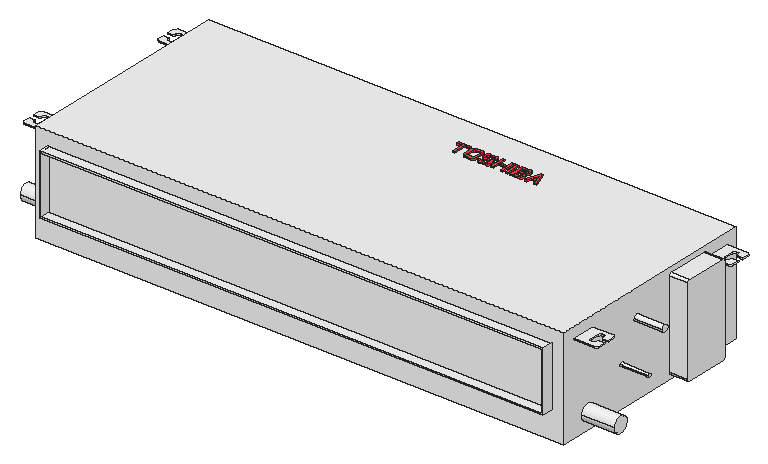
Revit family "VRF_MMD1SPHY_24-27_Indoor Unit", category Mechanical Equipment, Revit 2017
Family settings
  Round Connector Dimension = Use Diameter
  Part Type = Normal
  OmniClass Number = 23.75.00.00
  OmniClass Title = Climate Control (HVAC)
  Work Plane-Based = No
  Always vertical = Yes
  Cut with Voids When Loaded = No
  Shared = No
  Room Calculation Point = No
Parameters (values of type "MMD-UP0241SPHY-E")
  Width (mm) = 1100 mm
  Wholesaler Art. No = ""
  Wholesaler = ""
  White = Colour RGB-255 255 255
  Weight (Kg) = "22"
  Watermarked By = ""
  Voltage (V) = "60Hz 208-230V"
  URL = "https://www.toshiba-carrier.co.jp/global/"
  Top Clearance (mm) [instance] = 5 mm
  Static pressure (Pa) = "10-20-30-40-50"
  Starting current (A) = "1.21/ 1.27"
  Stabu Code = ""
  Sound pressure dB(A) -Mid = "33"
  Sound pressure dB(A) -Low = "31"
  Sound pressure dB(A) - High = "36"
  Service Area [instance] = no
  Capacity = "-"
  Seasonal & Rated efficiency = "-"
  Running current-Heating (A) = "0.69/ 0.73"
  Running current-Cooling (A) = "0.69/ 0.73"
  Right Side Clearance (mm) [instance] = 450 mm
  Revit Version = "2017"  # constant formula
  Refrigerant Information = "R410A"
  Red = Colour RGB-255 000 000
  Rear side (Under air intake) [instance] = 50 mm
  Power Consumption  W-Mid = "-"
  Product Line = "TCAC"  # constant formula
  Power consumption-Heating (Kw) = "0.067"
  Power consumption-Cooling (Kw) = "0.067"
  Power Consumption  W-Low = "-"
  Power Consumption  W-High = "-"
  Part load = "-"
  Sold separetely parts = "-"
  Model = "MMD-UP0241SPHY-E"
  Manufacturer URL = "https://www.toshiba-carrier.co.jp/global/"
  Manufacturer Art. No. = "MMD-UP0241SPHY-E"
  Manufacturer = "Toshiba"  # constant formula
  MOCP (A) = "15"
  MEPcontent Class = "HEATPUMP"  # constant formula
  MCA (A) = "0.7"
  Left Side Clearance (mm) [instance] = 100 mm
  Internal Art. No. = ""
  Piping diameter (mm)-Liquid = 9.5 mm
  Piping diameter (mm)-Gas = 15.9 mm
  Height (mm) = 210 mm
  GTIN = ""
  GLN = ""
  Factory default = "10"
  Drain pipe = "VP25(OD:32mm)"
  Depth (mm) = 450 mm
  Rear side (Back air intake) [instance] = 300 mm
  Frequency (Hz) = "50Hz 220-240V"
  Family Version = ""
  Energy Class = "-"
  ETIM Article Class = "EC001213"  # constant formula
  EMCS = "4"  # constant formula
  Duct diameter (mm) = "-"
  Description = "Ducted slim"
  Copyright = "©Toshiba / HCL"  # constant formula
  Content Supplier URL = "www.hcltech.com"
  Rated efficiency = "-"
  Capacities kW-Heating = "8"
  Capacities kW-Cooling = "7.1"
  CB-NL Class = ""
  Base Family Version = ""
  Article Type = "MMD-UP0241SPHY-E"
  Article Description = "Ducted slim"
  Airflow (m3/h)- Low = "860"
  Airflow (m3/h)- High = "1080"
  Airflow (m3/h)- Mid = "950"
Types (3, lengths in mm): name | Starting current (A) | Sound pressure dB(A) -Mid | Sound pressure dB(A) -Low | Sound pressure dB(A) - High | Running current-Heating (A) | Running current-Cooling (A) | Power consumption-Heating (Kw) | Power consumption-Cooling (Kw) | Model | Manufacturer Art. No. | Capacities kW-Heating | Capacities kW-Cooling | Article Type | Airflow (m3/h)- Low | Airflow (m3/h)- High | Airflow (m3/h)- Mid
  (no name) | "1.21/ 1.27" | "33" | "31" | "36" | "0.69/ 0.73" | "0.69/ 0.73" | "0.067" | "0.067" | "MMD-UP0241SPHY-E" | "MMD-UP0241SPHY-E" | "8" | "7.1" | "MMD-UP0241SPHY-E" | "860" | "1080" | "950"
  MMD-UP0241SPHY-E | "1.21/ 1.27" | "33" | "31" | "36" | "0.69/ 0.73" | "0.69/ 0.73" | "0.067" | "0.067" | "MMD-UP0241SPHY-E" | "MMD-UP0241SPHY-E" | "8" | "7.1" | "MMD-UP0241SPHY-E" | "860" | "1080" | "950"
  MMD-UP0271SPHY-E | "1.30/ 1.36" | "34" | "32" | "37" | "0.74/ 0.78" | "0.74/ 0.78" | "0.072" | "0.072" | "MMD-UP0271SPHY-E" | "MMD-UP0271SPHY-E" | "9" | "8" | "MMD-UP0271SPHY-E" | "910" | "1140" | "980"
Reference planes
  plane 1 "Center (Front/Back)": y = 0
  plane 2: z = 0
  plane 3 "Center (Left/Right)": x = 0
  plane 4: y = 225
  plane 5: y = -225
  plane 6: z = 210
  plane 7: z = 104.75
  plane 8: x = -550
  plane 9: x = 550
  plane 10: x = -550
  plane 11: x = 550
  plane 12: y = -163
  plane 13: y = -75
  plane 14: y = -35
  plane 15: y = 112
Forms (mm)
  Extrusion 1, solid, material "Colour RGB-255 255 255"
    sketch origin (0, 0, 0) x (1, 0, 0) y (0, 1, 0)
      loop
        line (-550, 225) -> (-550, -225) -> (550, -225) -> (550, 225) -> (-550, 225)
    from 0 to 210
  Extrusion 2, solid, material "Colour RGB-255 255 255", detail levels fine
    sketch origin (0, 0, 210) x (1, 0, 0) y (0, 1, 0)
      loop
        line (550, -149.965) -> (550, -199.965) -> (595, -199.965) -> (600, -194.965) -> (600, -180.465) -> (588.885, -180.465)
        arc (588.885, -180.465) -> (587.481, -181.046) -> (586.9, -182.449) r 1.985
        line (586.9, -182.449) -> (586.9, -183.961)
        arc (586.9, -183.961) -> (580.9, -189.961) -> (574.9, -183.961) r 6
        line (574.9, -183.961) -> (574.9, -165.957)
        arc (574.9, -165.957) -> (580.9, -159.957) -> (586.9, -165.957) r 6
        line (586.9, -165.957) -> (586.9, -167.465)
        arc (586.9, -167.465) -> (587.486, -168.879) -> (588.9, -169.465) r 2
        line (588.9, -169.465) -> (600, -169.465) -> (600, -154.965) -> (595, -149.965) -> (550, -149.965)
      loop
        line (550, 149.965) -> (595, 149.965) -> (600, 154.965) -> (600, 169.465) -> (588.9, 169.465)
        arc (588.9, 169.465) -> (587.486, 168.879) -> (586.9, 167.465) r 2
        line (586.9, 167.465) -> (586.9, 165.957)
        arc (586.9, 165.957) -> (580.9, 159.957) -> (574.9, 165.957) r 6
        line (574.9, 165.957) -> (574.9, 183.961)
        arc (574.9, 183.961) -> (580.9, 189.961) -> (586.9, 183.961) r 6
        line (586.9, 183.961) -> (586.9, 182.449)
        arc (586.9, 182.449) -> (587.481, 181.046) -> (588.885, 180.465) r 1.985
        line (588.885, 180.465) -> (600, 180.465) -> (600, 194.965) -> (595, 199.965) -> (550, 199.965) -> (550, 149.965)
      loop
        line (-550, 149.965) -> (-550, 199.965) -> (-595, 199.965) -> (-600, 194.965) -> (-600, 180.465) -> (-588.885, 180.465)
        arc (-588.885, 180.465) -> (-587.481, 181.046) -> (-586.9, 182.449) r 1.985
        line (-586.9, 182.449) -> (-586.9, 183.961)
        arc (-586.9, 183.961) -> (-580.9, 189.961) -> (-574.9, 183.961) r 6
        line (-574.9, 183.961) -> (-574.9, 165.957)
        arc (-574.9, 165.957) -> (-580.9, 159.957) -> (-586.9, 165.957) r 6
        line (-586.9, 165.957) -> (-586.9, 167.465)
        arc (-586.9, 167.465) -> (-587.486, 168.879) -> (-588.9, 169.465) r 2
        line (-588.9, 169.465) -> (-600, 169.465) -> (-600, 154.965) -> (-595, 149.965) -> (-550, 149.965)
      loop
        line (-550, -149.965) -> (-595, -149.965) -> (-600, -154.965) -> (-600, -169.465) -> (-588.9, -169.465)
        arc (-588.9, -169.465) -> (-587.486, -168.879) -> (-586.9, -167.465) r 2
        line (-586.9, -167.465) -> (-586.9, -165.957)
        arc (-586.9, -165.957) -> (-580.9, -159.957) -> (-574.9, -165.957) r 6
        line (-574.9, -165.957) -> (-574.9, -183.961)
        arc (-574.9, -183.961) -> (-580.9, -189.961) -> (-586.9, -183.961) r 6
        line (-586.9, -183.961) -> (-586.9, -182.449)
        arc (-586.9, -182.449) -> (-587.481, -181.046) -> (-588.885, -180.465) r 1.985
        line (-588.885, -180.465) -> (-600, -180.465) -> (-600, -194.965) -> (-595, -199.965) -> (-550, -199.965) -> (-550, -149.965)
    from -22 to -24
  Extrusion 3, solid, material "Colour RGB-255 000 000", detail levels fine
    sketch origin (472.975, 225.11, 210) x (-1, 0, 0) y (0, -1, 0)
      loop
        line (448.6, 65.11) -> (448.6, 70.11) -> (438.6, 70.11) -> (438.6, 95.11) -> (433.6, 95.11) -> (433.6, 70.11) -> (423.6, 70.11) -> (423.6, 65.11) -> (448.6, 65.11)
      loop
        arc (380.6, 77.297) -> (382.722, 76.419) -> (383.6, 74.297) r 3
        line (383.6, 74.297) -> (383.6, 73.11)
        arc (383.6, 73.11) -> (382.722, 70.988) -> (380.6, 70.11) r 3
        line (380.6, 70.11) -> (371.6, 70.11)
        arc (371.6, 70.11) -> (369.479, 70.988) -> (368.6, 73.11) r 3
        line (368.6, 73.11) -> (363.6, 73.11) -> (363.6, 71.11)
        arc (363.6, 71.11) -> (365.358, 66.867) -> (369.6, 65.11) r 6
        line (369.6, 65.11) -> (382.6, 65.11)
        arc (382.6, 65.11) -> (386.843, 66.867) -> (388.6, 71.11) r 6
        line (388.6, 71.11) -> (388.6, 76.297)
        arc (388.6, 76.297) -> (386.843, 80.54) -> (382.6, 82.297) r 6
        line (382.6, 82.297) -> (371.6, 82.297)
        arc (371.6, 82.297) -> (369.479, 83.176) -> (368.6, 85.297) r 3
        line (368.6, 85.297) -> (368.6, 87.11)
        arc (368.6, 87.11) -> (369.479, 89.231) -> (371.6, 90.11) r 3
        line (371.6, 90.11) -> (380.612, 90.11)
        arc (380.612, 90.11) -> (382.725, 89.235) -> (383.6, 87.122) r 2.988
        line (383.6, 87.122) -> (388.6, 87.122) -> (388.6, 89.11)
        arc (388.6, 89.11) -> (386.843, 93.352) -> (382.6, 95.11) r 6
        line (382.6, 95.11) -> (369.6, 95.11)
        arc (369.6, 95.11) -> (365.358, 93.352) -> (363.6, 89.11) r 6
        line (363.6, 89.11) -> (363.6, 83.297)
        arc (363.6, 83.297) -> (365.358, 79.055) -> (369.6, 77.297) r 6
        line (369.6, 77.297) -> (380.6, 77.297)
      loop
        line (418.6, 71.11) -> (418.6, 89.11)
        arc (418.6, 89.11) -> (416.843, 93.352) -> (412.6, 95.11) r 6
        line (412.6, 95.11) -> (399.6, 95.11)
        arc (399.6, 95.11) -> (395.358, 93.352) -> (393.6, 89.11) r 6
        line (393.6, 89.11) -> (393.6, 71.11)
        arc (393.6, 71.11) -> (395.358, 66.867) -> (399.6, 65.11) r 6
        line (399.6, 65.11) -> (412.6, 65.11)
        arc (412.6, 65.11) -> (416.843, 66.867) -> (418.6, 71.11) r 6
      loop
        line (357.975, 65.11) -> (357.975, 95.11) -> (352.975, 95.11) -> (352.975, 82.297) -> (337.975, 82.297) -> (337.975, 95.11) -> (332.975, 95.11) -> (332.975, 65.11) -> (337.975, 65.11) -> (337.975, 77.297) -> (352.975, 77.297) -> (352.975, 65.11) -> (357.975, 65.11)
      loop
        line (413.6, 73.11) -> (413.6, 87.11)
        arc (413.6, 87.11) -> (412.722, 89.231) -> (410.6, 90.11) r 3
        line (410.6, 90.11) -> (401.6, 90.11)
        arc (401.6, 90.11) -> (399.479, 89.231) -> (398.6, 87.11) r 3
        line (398.6, 87.11) -> (398.6, 73.11)
        arc (398.6, 73.11) -> (399.479, 70.988) -> (401.6, 70.11) r 3
        line (401.6, 70.11) -> (410.6, 70.11)
        arc (410.6, 70.11) -> (412.722, 70.988) -> (413.6, 73.11) r 3
      loop
        line (327.975, 65.11) -> (327.975, 95.11) -> (322.975, 95.11) -> (322.975, 65.11) -> (327.975, 65.11)
      loop
        line (317.975, 65.11) -> (317.975, 95.11) -> (300.968, 95.11)
        arc (300.968, 95.11) -> (295.434, 92.887) -> (292.975, 87.454) r 8
        arc (292.975, 87.454) -> (294.314, 83.198) -> (297.848, 80.477) r 7.431
        arc (297.848, 80.477) -> (294.302, 77.737) -> (292.975, 73.456) r 7.431
        arc (292.975, 73.456) -> (295.19, 67.577) -> (300.968, 65.11) r 8
        line (300.968, 65.11) -> (317.975, 65.11)
      loop
        line (312.975, 70.11) -> (312.975, 77.297) -> (301.543, 77.297)
        arc (301.543, 77.297) -> (297.949, 73.704) -> (301.543, 70.11) r 3.594
        line (301.543, 70.11) -> (312.975, 70.11)
      loop
        line (312.975, 82.61) -> (312.975, 90.11) -> (301.515, 90.11)
        arc (301.515, 90.11) -> (297.765, 86.36) -> (301.515, 82.61) r 3.75
        line (301.515, 82.61) -> (312.975, 82.61)
      loop
        line (277.975, 65.11) -> (287.975, 95.11) -> (282.705, 95.11) -> (280.517, 88.547) -> (270.433, 88.547) -> (268.246, 95.11) -> (262.975, 95.11) -> (272.975, 65.11) -> (277.975, 65.11)
      loop
        line (278.851, 83.547) -> (272.1, 83.547) -> (275.475, 73.421) -> (278.851, 83.547)
    from 0 to 2
  Extrusion 4, solid, material "Colour RGB-255 255 255", detail levels medium+fine
    sketch origin (550, -225, 0) x (-1, 0, 0) y (0, 0, -1)
      loop
        line (25, -181) -> (1075, -181) -> (1075, -56) -> (25, -56) -> (25, -181)
      loop
        line (27, -179) -> (1073, -179) -> (1073, -58) -> (27, -58) -> (27, -179)
    from 0 to 22
  Extrusion 5, solid, material "Colour RGB-255 255 255", detail levels medium+fine
    sketch origin (0, -50, 0.5) x (0, -1, 0) y (0, 0, -1)
      loop
        line (-190, -199.5) -> (-105, -199.5)
        arc (-105, -199.5) -> (-101.464, -198.036) -> (-100, -194.5) r 5
        line (-100, -194.5) -> (-100, -14.5)
        arc (-100, -14.5) -> (-101.464, -10.964) -> (-105, -9.5) r 5
        line (-105, -9.5) -> (-190, -9.5)
        arc (-190, -9.5) -> (-193.536, -10.964) -> (-195, -14.5) r 5
        line (-195, -14.5) -> (-195, -194.5)
        arc (-195, -194.5) -> (-193.536, -198.036) -> (-190, -199.5) r 5
    from 550 to 590
  Extrusion 6, solid, material "Colour RGB-255 255 255" <- "White", detail levels fine
    sketch origin (0, 0, 0) x (0, 1, 0) y (0, 0, 1)
      loop
        circle (112, 100) r 45
    from -550 to -552
  Extrusion 7, solid, material "Colour RGB-255 255 255", detail levels medium+fine
    sketch origin (0, 0, 0) x (0, 1, 0) y (0, 0, 1)
      loop
        circle (-35, 155) r 6.35
      loop
        circle (-75, 85) r 3.2
    from 610 to 550
  Extrusion 8, solid, material "Colour RGB-255 255 255", detail levels medium+fine
    sketch origin (0, 0, 0) x (0, 1, 0) y (0, 0, 1)
      loop
        circle (-163, 35) r 16
    from 550 to 620
  Extrusion 9, solid, material "Colour RGB-255 255 255", detail levels medium+fine
    sketch origin (0, 0, 0) x (0, 1, 0) y (0, 0, -1)
      loop
        circle (-163, -35) r 16
    from 550 to 620
Lines and regions (mm)
  model lines, detail levels fine
    curve 1: circle (284, -149, 0) r 42 normal (0, 0, 1)
    curve 2: line (-306, -154, 0) -> (-14.565, -81.337, 0)
    curve 3: line (-314.356, -131.041, 0) -> (-100.891, -77.819, 0)
    curve 4: arc (-314.356, -131.041, 0) -> (-321.657, -146.699, 0) -> (-306, -154, 0) r 12.216
    curve 5: line (-102.398, -52.005, 0) -> (-317.644, -6.514, 0)
    curve 6: arc (-100.891, -77.819, 0) -> (-90.94, -64.287, 0) -> (-102.398, -52.005, 0) r 13.156
    curve 7: line (243.264, -138.774, 0) -> (14.559, -81.361, 0)
    curve 8: arc (-14.565, -81.337, 0) -> (-0.001, -79.555, 0) -> (14.559, -81.361, 0) r 60
    curve 9: line (-12.407, -46.494, 0) -> (-312.681, 16.967, 0)
    curve 10: line (12.407, -46.494, 0) -> (312.681, 16.967, 0)
    curve 11: arc (-12.407, -46.494, 0) -> (0, -47.791, 0) -> (12.407, -46.494, 0) r 60
    curve 12: arc (-317.644, -6.514, 0) -> (-326.903, 7.708, 0) -> (-312.681, 16.967, 0) r 12
    curve 13: line (102.399, -52.005, 0) -> (317.644, -6.514, 0)
    curve 14: arc (317.644, -6.514, 0) -> (326.903, 7.708, 0) -> (312.681, 16.967, 0) r 12
    curve 15: line (256.836, -116.967, 0) -> (100.871, -77.813, 0)
    curve 16: arc (100.871, -77.813, 0) -> (90.941, -64.276, 0) -> (102.399, -52.005, 0) r 13.156
    curve 17: line (-305.418, -155.916, 0) -> (-14.081, -83.278, 0)
    curve 18: arc (-314.938, -129.125, 0) -> (-323.574, -147.281, 0) -> (-305.418, -155.916, 0) r 14.216
    curve 19: line (-314.938, -129.125, 0) -> (-101.375, -75.878, 0)
    curve 20: arc (-101.375, -75.878, 0) -> (-92.939, -64.365, 0) -> (-102.73, -53.979, 0) r 11.156
    curve 21: line (-102.73, -53.979, 0) -> (-318.057, -8.471, 0)
    curve 22: arc (-318.057, -8.471, 0) -> (-328.86, 8.122, 0) -> (-312.268, 18.924, 0) r 14
    curve 23: line (-11.993, -44.537, 0) -> (-312.268, 18.924, 0)
    curve 24: arc (-11.993, -44.537, 0) -> (0, -45.791, 0) -> (11.993, -44.537, 0) r 58
    curve 25: line (11.993, -44.537, 0) -> (312.268, 18.924, 0)
    curve 26: arc (318.057, -8.471, 0) -> (328.86, 8.122, 0) -> (312.268, 18.924, 0) r 14
    curve 27: line (102.73, -53.979, 0) -> (318.057, -8.471, 0)
    curve 28: arc (101.358, -75.874, 0) -> (92.94, -64.356, 0) -> (102.73, -53.979, 0) r 11.156
    curve 29: line (258.803, -115.398, 0) -> (101.358, -75.874, 0)
    curve 30: line (242.823, -140.725, 0) -> (14.072, -83.3, 0)
    curve 31: arc (-14.081, -83.278, 0) -> (-0.003, -81.555, 0) -> (14.072, -83.3, 0) r 58
    curve 32: circle (284, -149, 0) r 40 normal (0, 0, 1)
    curve 33: line (302.834, 225, 168.68) -> (83.199, 225, 115.73)
    curve 34: arc (83.199, 225, 115.73) -> (75.048, 225, 105.004) -> (83.389, 225, 94.423) r 11.006
    curve 35: line (7.716, 225, 120.099) -> (297.125, 225, 192.003)
    curve 36: arc (7.716, 225, 120.099) -> (0.019, 225, 119.357) -> (-7.678, 225, 120.099) r 40.3
    curve 37: arc (-83.144, 225, 115.735) -> (-74.981, 225, 105.107) -> (-83.144, 225, 94.479) r 11
    curve 38: arc (297.125, 225, 192.003) -> (311.682, 225, 183.206) -> (302.834, 225, 168.68) r 12.006
    curve 39: line (-7.678, 225, 120.099) -> (-297.087, 225, 192.003)
    curve 40: line (-302.796, 225, 168.68) -> (-83.144, 225, 115.735)
    curve 41: arc (-297.087, 225, 192.003) -> (-311.644, 225, 183.205) -> (-302.796, 225, 168.68) r 12.006
    curve 42: arc (297.082, 225, 18.222) -> (311.615, 225, 27.114) -> (302.619, 225, 41.582) r 12.004
    curve 43: arc (-297.073, 225, 18.211) -> (-311.623, 225, 27.044) -> (-302.721, 225, 41.552) r 12.007
    curve 44: arc (7.131, 225, 90.248) -> (-0.336, 225, 90.921) -> (-7.798, 225, 90.199) r 40.287
    curve 45: arc (96.031, 225, 62.798) -> (84.215, 225, 58.737) -> (75.194, 225, 67.383) r 12
    curve 46: arc (67.227, 225, 75.237) -> (72.283, 225, 72.398) -> (75.194, 225, 67.383) r 11
    curve 47: arc (106.272, 225, 65.517) -> (100.803, 225, 65.472) -> (96.031, 225, 62.798) r 11
    curve 48: arc (-238.662, 225, 56.303) -> (-233.472, 225, 59.127) -> (-230.491, 225, 64.23) r 11
    curve 49: arc (-210.17, 225, 68.904) -> (-205.244, 225, 65.82) -> (-199.433, 225, 65.677) r 11
    curve 50: arc (-210.17, 225, 68.904) -> (-221.689, 225, 72.471) -> (-230.491, 225, 64.23) r 12
    curve 51: line (302.619, 225, 41.582) -> (83.389, 225, 94.423)
    curve 52: line (-7.798, 225, 90.199) -> (-297.073, 225, 18.211)
    curve 53: line (297.082, 225, 18.222) -> (106.272, 225, 65.517)
    curve 54: line (67.227, 225, 75.237) -> (7.131, 225, 90.248)
    curve 55: line (-83.144, 225, 94.479) -> (-199.433, 225, 65.677)
    curve 56: line (-238.662, 225, 56.303) -> (-302.721, 225, 41.552)
    curve 57: line (-8.117, 225, 118.148) -> (-297.57, 225, 190.062)
    curve 58: arc (-297.57, 225, 190.062) -> (-309.701, 225, 182.73) -> (-302.327, 225, 170.624) r 10.006
    curve 59: line (-302.327, 225, 170.624) -> (-82.669, 225, 117.673)
    curve 60: arc (-82.669, 225, 117.673) -> (-72.992, 225, 105.119) -> (-82.642, 225, 92.544) r 13
    curve 61: line (-82.642, 225, 92.544) -> (-198.952, 225, 63.739)
    curve 62: arc (-211.642, 225, 67.554) -> (-205.819, 225, 63.908) -> (-198.952, 225, 63.739) r 12.999
    curve 63: arc (-211.642, 225, 67.554) -> (-221.235, 225, 70.529) -> (-228.573, 225, 63.67) r 9.999
    curve 64: arc (-238.216, 225, 54.349) -> (-232.1, 225, 57.67) -> (-228.573, 225, 63.67) r 12.998
    curve 65: line (-238.216, 225, 54.349) -> (-302.27, 225, 39.603)
    curve 66: arc (-297.554, 225, 20.152) -> (-309.68, 225, 27.51) -> (-302.27, 225, 39.603) r 10.007
    curve 67: line (-8.254, 225, 92.144) -> (-297.554, 225, 20.152)
    curve 68: arc (7.527, 225, 92.206) -> (-0.367, 225, 92.917) -> (-8.254, 225, 92.144) r 42.291
    curve 69: line (67.719, 225, 77.192) -> (7.527, 225, 92.206)
    curve 70: arc (67.719, 225, 77.192) -> (73.694, 225, 73.842) -> (77.139, 225, 67.921) r 13.007
    curve 71: arc (94.568, 225, 64.166) -> (84.705, 225, 60.712) -> (77.139, 225, 67.921) r 10.012
    curve 72: arc (8.117, 225, 118.146) -> (0, 225, 117.361) -> (-8.117, 225, 118.148) r 42.305
    curve 73: line (8.117, 225, 118.146) -> (297.608, 225, 190.062)
    curve 74: arc (297.608, 225, 190.062) -> (309.739, 225, 182.73) -> (302.365, 225, 170.624) r 10.006
    curve 75: line (302.365, 225, 170.624) -> (82.722, 225, 117.669)
    curve 76: arc (82.722, 225, 117.669) -> (73.057, 225, 105.002) -> (82.913, 225, 92.482) r 13.005
    curve 77: line (302.155, 225, 39.637) -> (82.913, 225, 92.482)
    curve 78: arc (297.558, 225, 20.164) -> (309.669, 225, 27.584) -> (302.155, 225, 39.637) r 10.004
    curve 79: line (297.558, 225, 20.164) -> (106.739, 225, 67.43)
    curve 80: arc (106.272, 225, 65.517) -> (100.803, 225, 65.472) -> (96.031, 225, 62.798) r 11
    curve 81: arc (106.739, 225, 67.43) -> (100.232, 225, 67.37) -> (94.568, 225, 64.166) r 13.01
Dimensions and locks
  "Depth (mm)": plane 4 to plane 5
  "Height (mm)": plane 6 to level
  locked: level to plane 6 at 210
  Extrusion 5 sketch curve to Extrusion 1 = 80 mm
  Extrusion 1 sketch curve to Extrusion 1 sketch curve = 1100 mm
  "Width (mm)": plane 10 to plane 11
  plane 14 to plane 4 = 260 mm
  plane 13 to plane 4 = 300 mm
  plane 12 to plane 4 = 388 mm
  Extrusion 8 to level = 35 mm
  Extrusion 7 to level = 85 mm
  Extrusion 7 to level = 155 mm
  plane 4 to plane 15 = 113 mm
  Extrusion 6 to level = 100 mm
  aligned and locked: level to plane 2
  aligned and locked: Extrusion 1 to plane 5
  aligned and locked: Extrusion 1 to plane 6
  aligned and locked: Extrusion 1 sketch curve to plane 8
  aligned and locked: Extrusion 1 to Extrusion 7
  aligned and locked: Extrusion 8 to Extrusion 1
Automatic sketch dimensions
  curve 1 to curve 32 = 0 mm  (x2)
  curve 4 to curve 18 = 0 mm  (x2)
  curve 6 to curve 20 = 0 mm  (x2)
  curve 8 to curve 31 = 0 mm  (x2)
  curve 11 to curve 24 = 0 mm  (x2)
  curve 12 to curve 22 = 0 mm  (x2)
  curve 14 to curve 26 = 0 mm  (x2)
  curve 16 to curve 28 = 0 mm  (x2)
  curve 24 to plane 3 "Center (Left/Right)" = 0 mm
  curve 8 to plane 3 "Center (Left/Right)" = 0.05 mm
  curve 23 to plane 3 "Center (Left/Right)" = 11.993 mm
  curve 9 to curve 23 = 0.414 mm  (x2)
  curve 17 to plane 3 "Center (Left/Right)" = 14.081 mm
  curve 2 to curve 17 = 0.484 mm
  curve 3 to curve 8 = 86.326 mm
  curve 19 to curve 6 = 0.484 mm
  plane 1 "Center (Front/Back)" to curve 5 = 52.005 mm
  curve 5 to curve 20 = 1.023 mm
  plane 1 "Center (Front/Back)" to curve 21 = 53.979 mm
  curve 21 to curve 6 = 0.331 mm
  curve 6 to curve 21 = 1.344 mm
  plane 5 to curve 17 = 69.084 mm
  curve 17 to curve 6 = 204.527 mm
  plane 5 to curve 2 = 71 mm
  curve 2 to curve 18 = 0.582 mm
  curve 18 to curve 4 = 4.178 mm
  curve 23 to plane 1 "Center (Front/Back)" = 18.924 mm
  curve 23 to curve 4 = 2.089 mm
  curve 9 to plane 1 "Center (Front/Back)" = 16.967 mm
  plane 5 to curve 3 = 93.959 mm
  curve 3 to curve 4 = 4.178 mm
  plane 5 to curve 19 = 95.875 mm
  curve 12 to plane 1 "Center (Front/Back)" = 5.227 mm
  curve 12 to curve 9 = 2.481 mm
  plane 1 "Center (Front/Back)" to curve 5 = 6.514 mm
  plane 1 "Center (Front/Back)" to curve 21 = 8.471 mm
  plane 3 "Center (Left/Right)" to curve 25 = 11.993 mm
  curve 25 to curve 10 = 0.414 mm  (x2)
  plane 3 "Center (Left/Right)" to curve 30 = 14.072 mm
  curve 31 to curve 7 = 0.487 mm
  curve 7 to curve 15 = 86.311 mm
  curve 15 to curve 29 = 0.487 mm
  plane 1 "Center (Front/Back)" to curve 13 = 52.005 mm
  curve 29 to curve 13 = 1.041 mm
  plane 1 "Center (Front/Back)" to curve 27 = 53.979 mm
  curve 13 to curve 27 = 0.331 mm
  curve 29 to curve 16 = 2.716 mm
  plane 5 to curve 1 = 76 mm
  curve 15 to curve 1 = 183.129 mm
  curve 25 to plane 1 "Center (Front/Back)" = 18.924 mm
  curve 1 to curve 25 = 28.268 mm
  curve 10 to plane 1 "Center (Front/Back)" = 16.967 mm
  curve 10 to curve 14 = 2.481 mm
  plane 1 "Center (Front/Back)" to curve 13 = 6.514 mm
  curve 14 to curve 13 = 2.481 mm
  plane 1 "Center (Front/Back)" to curve 27 = 8.471 mm
  plane 5 to curve 31 = 85.445 mm
  curve 8 to curve 30 = 56.255 mm
  curve 31 to curve 7 = 1.94 mm
  curve 3 to curve 20 = 23.839 mm
  curve 15 to curve 27 = 23.834 mm
  curve 2 to curve 9 = 34.843 mm
  curve 11 to curve 25 = 1.957 mm
  curve 24 to plane 1 "Center (Front/Back)" = 12.209 mm
  plane 5 to curve 30 = 84.275 mm
  curve 30 to curve 1 = 41.177 mm
  plane 5 to curve 7 = 86.226 mm
  plane 5 to curve 15 = 108.033 mm
  plane 5 to curve 29 = 109.602 mm
  Extrusion 1 sketch curve to plane 5 = 0 mm
  Extrusion 1 sketch curve to plane 4 = 0 mm
  Extrusion 2 sketch curve to Extrusion 1 = 0 mm  (x4)
  Extrusion 1 to Extrusion 2 sketch curve = 24.9 mm  (x4)
  Extrusion 2 sketch curve to Extrusion 2 sketch curve = 6 mm  (x8)
  Extrusion 2 sketch curve to Extrusion 2 sketch curve = 1.985 mm  (x4)
  Extrusion 2 sketch curve to Extrusion 2 sketch curve = 2 mm  (x4)
  Extrusion 2 sketch curve to Extrusion 2 sketch curve = 8.1 mm  (x8)
  Extrusion 2 sketch curve to Extrusion 2 sketch curve = 11.115 mm
  Extrusion 2 sketch curve to Extrusion 2 sketch curve = 5 mm  (x8)
  Extrusion 2 sketch curve to Extrusion 2 sketch curve = 0 mm  (x2)
  Extrusion 2 sketch curve to Extrusion 2 sketch curve = 11.1 mm
  Extrusion 2 sketch curve to Extrusion 1 = 25.035 mm  (x4)
  Extrusion 2 sketch curve to Extrusion 2 sketch curve = 16.004 mm  (x2)
  Extrusion 2 sketch curve to Extrusion 2 sketch curve = 1.511 mm  (x4)
  Extrusion 2 sketch curve to Extrusion 2 sketch curve = 11 mm  (x4)
  Extrusion 2 sketch curve to Extrusion 2 sketch curve = 1.508 mm  (x4)
  Extrusion 2 sketch curve to Extrusion 2 sketch curve = 14.5 mm  (x4)
  Extrusion 2 sketch curve to Extrusion 2 sketch curve = 15.992 mm  (x4)
  Extrusion 2 sketch curve to Extrusion 1 = 75.035 mm  (x2)
  Extrusion 3 sketch curve to Extrusion 1 = 95 mm  (x2)
  Extrusion 3 sketch curve to Extrusion 1 = 340 mm
  Extrusion 3 sketch curve to Extrusion 3 sketch curve = 5.27 mm  (x2)
  Extrusion 3 sketch curve to Extrusion 3 sketch curve = 2.187 mm  (x2)
  Extrusion 3 sketch curve to Extrusion 1 = 83.438 mm
  Extrusion 3 sketch curve to Extrusion 3 sketch curve = 1.667 mm  (x2)
  Extrusion 3 sketch curve to Extrusion 3 sketch curve = 0.875 mm
  Extrusion 3 sketch curve to Extrusion 1 = 73.311 mm
  Extrusion 3 sketch curve to Extrusion 3 sketch curve = 2.5 mm
  Extrusion 3 sketch curve to Extrusion 1 = 65 mm  (x2)
  Extrusion 3 sketch curve to Extrusion 3 sketch curve = 5 mm  (x22)
  Extrusion 3 sketch curve to Extrusion 3 sketch curve = 6.751 mm
  Extrusion 3 sketch curve to Extrusion 1 = 88.438 mm
  Extrusion 3 sketch curve to Extrusion 3 sketch curve = 12.431 mm
  Extrusion 3 sketch curve to Extrusion 3 sketch curve = 0 mm  (x11)
  Extrusion 3 sketch curve to Extrusion 3 sketch curve = 0.561 mm  (x2)
  Extrusion 3 sketch curve to Extrusion 3 sketch curve = 1.109 mm
  Extrusion 3 sketch curve to Extrusion 3 sketch curve = 0.575 mm
  Extrusion 3 sketch curve to Extrusion 3 sketch curve = 11.46 mm
  Extrusion 3 sketch curve to Extrusion 3 sketch curve = 11.432 mm
  Extrusion 3 sketch curve to Extrusion 3 sketch curve = 15 mm  (x2)
  Extrusion 3 sketch curve to Extrusion 3 sketch curve = 10.625 mm
  Extrusion 3 sketch curve to Extrusion 3 sketch curve = 5.625 mm
  Extrusion 3 sketch curve to Extrusion 3 sketch curve = 1 mm  (x11)
  Extrusion 3 sketch curve to Extrusion 3 sketch curve = 2 mm  (x8)
  Extrusion 3 sketch curve to Extrusion 3 sketch curve = 9 mm  (x3)
  Extrusion 3 sketch curve to Extrusion 3 sketch curve = 9.012 mm
  Extrusion 3 sketch curve to Extrusion 3 sketch curve = 1.988 mm  (x2)
  Extrusion 3 sketch curve to Extrusion 3 sketch curve = 10 mm
  Extrusion 3 sketch curve to Extrusion 3 sketch curve = 6 mm  (x3)
  Extrusion 3 sketch curve to Extrusion 3 sketch curve = 3 mm
  Extrusion 3 sketch curve to Extrusion 3 sketch curve = 0.39 mm
  Extrusion 3 sketch curve to Extrusion 3 sketch curve = 0.594 mm
  Extrusion 3 sketch curve to Extrusion 3 sketch curve = 1.188 mm
  Extrusion 3 sketch curve to Extrusion 3 sketch curve = 4.188 mm
  Extrusion 3 sketch curve to Extrusion 3 sketch curve = 5.312 mm
  Extrusion 3 sketch curve to Extrusion 3 sketch curve = 3.75 mm
  Extrusion 3 sketch curve to Extrusion 3 sketch curve = 1.812 mm
  Extrusion 3 sketch curve to Extrusion 3 sketch curve = 0.75 mm
  Extrusion 3 sketch curve to Extrusion 3 sketch curve = 0.012 mm
  Extrusion 3 sketch curve to Extrusion 3 sketch curve = 0.344 mm
  Extrusion 3 sketch curve to Extrusion 3 sketch curve = 12.812 mm
  Extrusion 3 sketch curve to Extrusion 3 sketch curve = 7.431 mm
  Extrusion 4 sketch curve to Extrusion 1 = 25 mm
  Extrusion 4 sketch curve to Extrusion 4 sketch curve = 2 mm  (x4)
  Extrusion 1 to Extrusion 4 sketch curve = 27 mm
  Extrusion 1 to Extrusion 4 sketch curve = 29 mm
  Extrusion 1 to Extrusion 4 sketch curve = 58 mm
  Extrusion 5 sketch curve to Extrusion 5 sketch curve = 5 mm  (x3)
  level to Extrusion 5 sketch curve = 10 mm
  Extrusion 5 sketch curve to plane 1 "Center (Front/Back)" = 55 mm  (x2)
  plane 6 to Extrusion 5 sketch curve = 15 mm
  Extrusion 6 sketch curve to plane 7 = 4.75 mm
  Extrusion 6 sketch curve to plane 1 "Center (Front/Back)" = 112 mm
  Extrusion 7 sketch curve to plane 7 = 19.75 mm
  plane 1 "Center (Front/Back)" to Extrusion 7 sketch curve = 75 mm
  plane 1 "Center (Front/Back)" to Extrusion 7 sketch curve = 35 mm
  plane 7 to Extrusion 7 sketch curve = 50.25 mm
  plane 5 to Extrusion 8 sketch curve = 62 mm
  level to Extrusion 8 sketch curve = 35 mm
  plane 5 to Extrusion 9 sketch curve = 62 mm
  level to Extrusion 9 sketch curve = 35 mm
  radius of curve 32 = 40 mm
  radius of Extrusion 6 sketch curve = 45 mm
  radius of Extrusion 7 sketch curve = 6.35 mm
  radius of Extrusion 7 sketch curve = 3.2 mm
  radius of Extrusion 8 sketch curve = 16 mm
  radius of Extrusion 9 sketch curve = 16 mm
Nested families
  nested 1: "Family2" at (0, 0, 0), visible <- "Service Area", Service Area (default) <- "Service Area", type "Family2"
    with Service Area (default) no, Rear side (Under air intake) 50 mm
Connectors
  electrical at (590, 97.5, 105)
    settings: on Extrusion 5, index 4, voltage 0 V, apparent load 0 VA, apparent load phase1 0 VA, apparent load phase2 0 VA, apparent load phase3 0 VA, power factor 1, load classification "Other", number of poles 1, system type 31, power factor state 1, is connector primary yes, connector utility no, sub classification motor no, connector description "ELECTRICAL CONNECTOR"
  piping at (610, -75, 85), diameter 6.4
    settings: on Extrusion 7, index 5, connector inside diameter 609.6 mm, connector length 0 mm, flow factor 0, pipe flow 0.0 L/s, pressure drop 0.0 Pa, fitting loss kfactor 0, connector angle 0.00°, fixture units 0, engagement length 0 mm, angle of deflection 0.00°, flow configuration 0, flow direction 1, fitting loss method 0, system type 7, joint type 0, gender type 0, connector reference index -1, connector utility 0, adjustable connector no, is connector primary yes, connector description "HYDRONIC SUPPLY (LIQUID) PORT @ 6.4 mm"
  piping at (610, -35, 155), diameter 12.7
    settings: on Extrusion 7, index 6, connector inside diameter 609.6 mm, connector length 0 mm, flow factor 0, pipe flow 0.0 L/s, pressure drop 0.0 Pa, fitting loss kfactor 0, connector angle 0.00°, fixture units 0, engagement length 0 mm, angle of deflection 0.00°, flow configuration 0, flow direction 2, fitting loss method 0, system type 8, joint type 0, gender type 0, connector reference index -1, connector utility 0, adjustable connector no, is connector primary no, connector description "HYDRONIC RETURN (GAS)PORT @12.7mm"
  piping at (620, -163, 35), diameter 32
    settings: on Extrusion 8, index 7, connector inside diameter 609.6 mm, connector length 0 mm, flow factor 0, pipe flow 0.0 L/s, pressure drop 0.0 Pa, fitting loss kfactor 0, connector angle 0.00°, fixture units 0, engagement length 0 mm, angle of deflection 0.00°, flow configuration 0, flow direction 2, fitting loss method 0, system type 17, joint type 0, gender type 0, connector reference index -1, connector utility 0, adjustable connector no, is connector primary no, connector description "DRAIN PORT 32mm"
Definition of nested family "Family2"
  Parameters (values of type "Family2")
    Top Clearance (mm) (default) = 5 mm
    Service Area (default) [instance] = yes
    Right Side Clearance (mm) (default) = 450 mm
    Rear side (Under air intake) [instance] = 50 mm
    Left Side Clearance (mm) (default) = 100 mm
    Back Clearance (mm) (default) = 300 mm
  Reference planes
    plane 1 "Center (Front/Back)": y = 0
    plane 2: z = 0
    plane 3 "Center (Left/Right)": x = 0
    plane 4: y = 225
    plane 5: y = -225
    plane 6: x = -550
    plane 7: x = 550
    plane 8: y = 525
    plane 9: z = 215
    plane 10: x = 1000
    plane 11: z = -50
    plane 12: x = -650
  Forms (mm)
    Extrusion 1, solid, visible <- "Service Area (default)"
      sketch origin (0, 0, 0) x (1, 0, 0) y (0, 1, 0)
        loop
          line (-550, 225) -> (-650, 225) -> (-650, -225) -> (-550, -225) -> (-550, 225)
        loop
          line (550, 225) -> (550, -225) -> (1000, -225) -> (1000, 225) -> (550, 225)
      from 0 to 210
    Extrusion 2, solid, visible <- "Service Area (default)"
      sketch origin (0, 0, 0) x (0, 1, 0) y (0, 0, 1)
        loop
          line (225, 210) -> (225, 0) -> (525, 0) -> (525, 210) -> (225, 210)
      from -550 to 550
    Extrusion 3, solid, visible <- "Service Area (default)"
      sketch origin (0, 0, 0) x (0, 1, 0) y (0, 0, 1)
        loop
          line (-225, 210) -> (225, 210) -> (225, 215) -> (-225, 215) -> (-225, 210)
      from -550 to 550
    Extrusion 4, solid, visible <- "Service Area (default)"
      sketch origin (0, 0, 0) x (1, 0, 0) y (0, 0, 1)
        loop
          line (-550, 0) -> (-550, -50) -> (550, -50) -> (550, 0) -> (-550, 0)
      from -525 to -225
  Dimensions and locks
    plane 4 to plane 5 = 450 mm
    "Right Side Clearance (mm) (default)": plane 7 to plane 10
    "Back Clearance (mm) (default)": plane 8 to plane 4
    Extrusion 1 to level = 210 mm
    "Top Clearance (mm) (default)": plane 9 to Extrusion 2
    "Rear side (Under air intake)": plane 2 to plane 11
    "Left Side Clearance (mm) (default)": plane 12 to plane 6
    plane 6 to plane 7 = 1100 mm
    aligned and locked: level to plane 2
    aligned and locked: Extrusion 2 to Extrusion 1  (x3)
    aligned and locked: Extrusion 1 to Extrusion 3
    aligned and locked: Extrusion 3 to Extrusion 1
    aligned and locked: Extrusion 4 sketch curve to plane 2
    aligned and locked: plane 6 to Extrusion 4 sketch curve
    aligned and locked: Extrusion 4 sketch curve to plane 7
    aligned and locked: plane 8 to Extrusion 4
    aligned and locked: Extrusion 4 to plane 4
    aligned and locked: Extrusion 3 to plane 6
    aligned and locked: Extrusion 1 to plane 7
  Automatic sketch dimensions
    Extrusion 1 sketch curve to plane 4 = 0 mm  (x2)
    Extrusion 1 sketch curve to plane 5 = 0 mm  (x2)
    plane 6 to Extrusion 1 sketch curve = 0 mm
    Extrusion 1 sketch curve to plane 7 = 0 mm
    Extrusion 1 sketch curve to plane 10 = 0 mm
    Extrusion 1 sketch curve to plane 6 = 100 mm
    Extrusion 2 sketch curve to level = 0 mm
    Extrusion 2 sketch curve to plane 4 = 0 mm
    Extrusion 2 sketch curve to plane 8 = 0 mm
    Extrusion 2 sketch curve to plane 9 = 5 mm
    Extrusion 3 sketch curve to plane 5 = 0 mm
    Extrusion 3 sketch curve to plane 4 = 0 mm
    Extrusion 3 sketch curve to plane 9 = 0 mm
    Extrusion 3 sketch curve to Extrusion 3 sketch curve = 5 mm
    Extrusion 4 sketch curve to level = 50 mm
